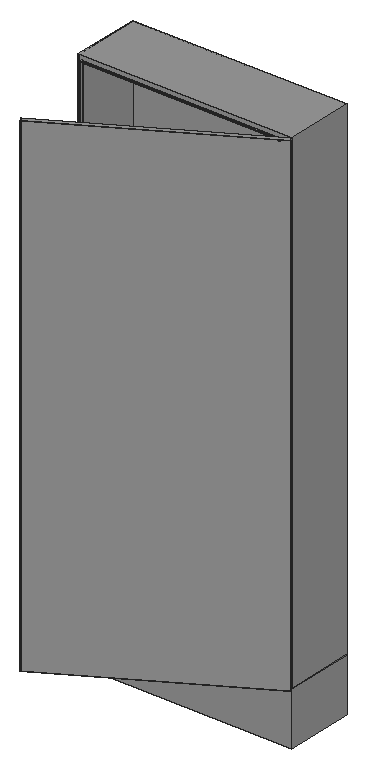
Revit family "Hager-Univers-IP55-D275-H2050-Cl.II-Steel_encl-NoHosted-ES-es", category Electrical Equipment, Revit 2020
Family settings
  Panel Configuration = Two Columns, Circuits Across
  Round Connector Dimension = Use Diameter
  Part Type = Panelboard
  Work Plane-Based = Yes
  Always vertical = Yes
  Cut with Voids When Loaded = No
  Shared = No
  Room Calculation Point = No
Parameters (values of type "Instalación de suelo IP55 A800 A2050 P275  - FR23S2")
  Width Control [instance] = if([EF000008 - Anchura] > Min Width, [EF000008 - Anchura], Min Width)  # 800 mm
  Type Comments = [HG000003 - Gama]  # "Univers"
  Thickness Door [instance] = if([EF009171 - Espesor puerta/tapa] > 3 mm, 3 mm, [EF009171 - Espesor puerta/tapa])  # 1.5 mm
  Seal Frame Offset [instance] = 17 mm  # constant formula
  Plinth Visibility [instance] = [HG000027 - Altura de zócalo] > 0 mm  # yes
  Min Width [instance] = 100 mm  # constant formula
  Min Depth [instance] = (2 * [EF009170 - Espesor del material de la caja]) + 1 mm  # 4 mm
  Min Height [instance] = 100 mm  # constant formula
  Internal Frame Depth [instance] = (Door System Depth * 0.5)  # 9 mm
  Panel Name [instance] = ""  # (empty or 0)
  Model = ""
  HG000027 - Altura de zócalo = 200 mm
  HG000026 - Instalación en suelo = yes
  HG000024 - Altura de la sección inferior = 600 mm
  HG000023 - Caja de doble sección = no
  HG000016 - Visibilidad de la puerta 3D [instance] = yes
  HG000015 - Visibilidad a través de la puerta [instance] = no
  HG000014 - Puerta a la derecha [instance] = yes
  HG000013 - Puerta a la izquierda [instance] = not([HG000014 - Puerta a la derecha])  # no
  HG000012 - Ángulo de giro de la puerta [instance] = 30.00°
  HG000010 - Puertas asimétricas = no
  HG000009 - Puerta batiente doble = no
  HG000006 - Empotrado = no
  HG000004 - Referencia del fabricante = "FR23S2"
  HG000003 - Gama = "Univers"
  HG000002 - Con puerta o tapa = yes
  Frame Offset Bottom [instance] = 10 mm  # constant formula
  Frame Offset [instance] = 15 mm  # constant formula
  EF015940 - Tapa con alivio de sobrepresión = no
  EF011959 - Grado de protección (NEMA) = ""
  EF009554 - Número de aberturas para placas-brida = 6
  EF009212 - Versión de la cubierta = "EV000116 - Cerrado"
  EF009171 - Espesor puerta/tapa = 1.5 mm
  EF009170 - Espesor del material de la caja = 1.5 mm
  EF008873 - Corriente nominal (In) = 800 A
  EF007800 - Adecuado para la protección contra rayos = no
  EF006306 - Con cierre = no
  EF006244 - Tapa/puerta transparente = no
  EF005474 - Grado de protección (IP) = "EV006420 - IP55"
  EF004464 - Tipo de puerta = "EV002646 - Único"
  EF004427 - Número de módulos = 432
  EF004293 - Resistencia al impacto (IK) = "EV008784 - IK10"
  EF003532 - Adecuado para uso en exteriores = no
  EF002950 - Anchura de unidades de división = 24
  EF001613 - Integridad del circuito = "EV000494 - Ninguno"
  EF001596 - Material de la carcasa = "EV000179 - Acero"
  EF001131 - Profundidad interna = 275 mm
  EF001088 - Posibilidad de extensión = yes
  EF000437 - Número de entradas de conductos de cables = 6
  EF000339 - Tipo de cubierta = "EV004216 - Puerta"
  EF000266 - Número de filas = 12
  EF000218 - Profundidad de instalación = 0 mm
  EF000118 - Con placa de montaje = no
  EF000116 - Número RAL = "7035"
  EF000049 - Profundidad = 275 mm
  EF000040 - Altura = 2050 mm
  EF000008 - Anchura = 800 mm
  EF000007 - Color = "EV000270 - Gris"
  EF000003 - Tipo de montaje = "EV012274 - Instalación de suelo"
  Door System Leaf Tolerance [instance] = 1.5 mm  # constant formula
  Door System Depth [instance] = 18 mm  # constant formula
  Door Height [instance] = Height Control - [HG000027 - Altura de zócalo]  # 1850 mm
  Description = ""
  Default Elevation = 1219.2 mm
  Connector Offset [instance] = Height Control / 2  # 1025 mm
  Manufacturer = "Hager"  # constant formula
  Height Control [instance] = if([EF000040 - Altura] > Min Height, [EF000040 - Altura], Min Height)  # 2050 mm
  Depth Control [instance] = if([EF000049 - Profundidad] > Min Depth, [EF000049 - Profundidad], Min Depth)  # 275 mm
  Bottom Top Plate Trim [instance] = 1.5 mm  # constant formula
  Plinth height Ctrl [instance] = if([HG000027 - Altura de zócalo] > 0 mm, [HG000027 - Altura de zócalo], 12 mm)  # 200 mm
Types (11, lengths in mm): name | Width Control | HG000010 - Puertas asimétricas | HG000009 - Puerta batiente doble | HG000004 - Referencia del fabricante | EF009554 - Número de aberturas para placas-brida | EF006244 - Tapa/puerta transparente | EF004464 - Tipo de puerta | EF004427 - Número de módulos | EF000437 - Número de entradas de conductos de cables | EF000008 - Anchura
  Instalación de suelo IP55 A1050 A2050 P275  - FR24L2 | 1050 | yes | yes | "FR24L2" | 8 | yes | "EV003602 - Doble" | 576 | 8 | 1050
  Instalación de suelo IP55 A1050 A2050 P275  - FR24S2 | 1050 | yes | yes | "FR24S2" | 8 | no | "EV003602 - Doble" | 576 | 8 | 1050
  Instalación de suelo IP55 A1300 A2050 P275  - FR25L2 | 1300 | yes | yes | "FR25L2" | 10 | yes | "EV003602 - Doble" | 720 | 10 | 1300
  Instalación de suelo IP55 A1300 A2050 P275  - FR25S2 | 1300 | yes | yes | "FR25S2" | 10 | no | "EV003602 - Doble" | 720 | 10 | 1300
  Instalación de suelo IP55 A1550 A2050 P275  - FR26L2 | 1550 | yes | yes | "FR26L2" | 12 | yes | "EV003602 - Doble" | 864 | 12 | 1550
  Instalación de suelo IP55 A1550 A2050 P275  - FR26S2 | 1550 | yes | yes | "FR26S2" | 12 | no | "EV003602 - Doble" | 864 | 12 | 1550
  Instalación de suelo IP55 A300 A2050 P275  - FR21S2 | 300 | no | no | "FR21S2" | 2 | no | "EV002646 - Único" | 144 | 2 | 300
  Instalación de suelo IP55 A550 A2050 P275  - FR22L2 | 550 | no | no | "FR22L2" | 4 | yes | "EV002646 - Único" | 288 | 4 | 550
  Instalación de suelo IP55 A550 A2050 P275  - FR22S2 | 550 | no | no | "FR22S2" | 4 | no | "EV002646 - Único" | 288 | 4 | 550
  Instalación de suelo IP55 A800 A2050 P275  - FR23L2 | 800 | no | no | "FR23L2" | 6 | yes | "EV002646 - Único" | 432 | 6 | 800
  Instalación de suelo IP55 A800 A2050 P275  - FR23S2 | 800 | no | no | "FR23S2" | 6 | no | "EV002646 - Único" | 432 | 6 | 800
Reference planes
  plane 1 "Center (Front/Back)": y = 0
  plane 2: z = 0
  plane 3 "Center (Left/Right)": x = 0
  plane 4: y = 0
  plane 5: y = 0
  plane 6: z = 0
  plane 7: x = -400
  plane 8: x = 400
  plane 9: x = 398.5
  plane 10: x = -398.5
  plane 11: z = 200
  plane 12: z = 201.5
  plane 13: y = -275
  plane 14: y = -1.5
  plane 15: x = 0
  plane 16: y = -257
  plane 17: y = -273.5
  plane 18: y = -255.5
  plane 19: x = -383.5
  plane 20: x = 383.5
  plane 21: z = 211.5
  plane 22: x = -383
  plane 23: x = 383
  plane 24: z = 200
  plane 25: z = 2050
  plane 26: z = 2050
  plane 27: z = 2033.5
  plane 28: z = 2048.5
Forms (mm)
  Extrusion 1, solid, material "Hager_Steel_RAL7035_Light_Grey", detail levels medium+fine
    sketch origin (-208.679, -4572, 200) x (-1, 0, 0) y (0, -1, 0)
      loop
        line (191.321, -4315) -> (-608.679, -4315) -> (-608.679, -4572) -> (191.321, -4572) -> (191.321, -4315)
    from 0 to 1850
  Extrusion 2, void
    sketch origin (-350.771, -275, 1219.2) x (1, 0, 0) y (0, 0, 1)
      loop
        line (-47.729, 829.3) -> (-47.729, -1017.7) -> (749.271, -1017.7) -> (749.271, 829.3) -> (-47.729, 829.3)
    from -19.5 to -273.5
  Extrusion 3, void
    sketch origin (-290.084, -257, 1219.2) x (1, 0, 0) y (0, 0, 1)
      loop
        line (-93.416, -1007.7) -> (673.584, -1007.7) -> (673.584, 814.3) -> (-93.416, 814.3) -> (-93.416, -1007.7)
    from 0 to -1.5
  Extrusion 4, solid, material "Hager_Steel_RAL7035_Light_Grey", visible <- "Plinth Visibility", detail levels medium+fine
    sketch origin (0, 0, 0) x (1, 0, 0) y (0, 1, 0)
      loop
        line (-400, 0) -> (-400, -257) -> (400, -257) -> (400, 0) -> (-400, 0)
    from 0 to 200 <- "Plinth height Ctrl"
  Extrusion 5, solid, material "Hager_Steel_RAL7035_Light_Grey", detail levels coarse
    sketch origin (0, 0, 0) x (1, 0, 0) y (0, 1, 0)
      loop
        line (-400, 0) -> (-400, -275) -> (400, -275) -> (400, 0) -> (-400, 0)
    from 0 to 2050 <- "Height Control"
  Sweep 6, void
    path in 3D
      loop
        line (-400, -257, 200) -> (400, -257, 200) -> (400, 0, 200) -> (-400, 0, 200) -> (-400, -257, 200)
    profile origin (-400, -128.5, 200) x (1, 0, 0) y (0, 0, 1)
      loop
        line (0, 0) -> (0, -1.5) -> (1.5, -1.5)
        arc (1.5, -1.5) -> (1.061, -0.439) -> (0, 0) r 1.5
  Extrusion 7, solid, material "Hager_Steel_RAL7035_Light_Grey", detail levels fine
    sketch origin (-400, -257, 200) x (1, 0, 0) y (0, 0, 1)
      loop
        line (16.5, 11.5) -> (783.5, 11.5) -> (783.5, 1833.5) -> (16.5, 1833.5) -> (16.5, 11.5)
      loop
        line (15, 10) -> (785, 10) -> (785, 1835) -> (15, 1835) -> (15, 10)
    from 0 to 9 <- "Internal Frame Depth"
Cuts and joins
  Extrusion 2, Extrusion 3 cuts Extrusion 1
  Sweep 6 cuts Extrusion 4
Lines and regions (mm)
  Masking region 1
    outline origin (0, 0, 0) x (1, 0, 0) y (0, 1, 0)
      loop
        line (-400, 0) -> (-400, -275) -> (400, -275) -> (400, 0) -> (-400, 0)
  Masking region 2, detail levels coarse
    outline origin (-290.084, -257, 1219.2) x (-1, 0, 0) y (0, 0, 1)
      loop
        line (-690.084, -1219.2) -> (109.916, -1219.2) -> (109.916, 830.8) -> (-690.084, 830.8) -> (-690.084, -1219.2)
  Masking region 3, detail levels coarse
    outline origin (0, 0, 0) x (0, 1, 0) y (0, 0, 1)
      loop
        line (0, 0) -> (0, 2050) -> (-275, 2050) -> (-275, 0) -> (0, 0)
  Masking region 4, visible <- "Plinth Visibility", detail levels medium+fine
    outline origin (0, 0, 0) x (0, 1, 0) y (0, 0, 1)
      loop
        line (-1.5, 200) -> (-255.5, 200)
        arc (-255.5, 200) -> (-255.939, 198.939) -> (-257, 198.5) r 1.5
        line (-257, 198.5) -> (-257, 0) -> (0, 0) -> (0, 198.5)
        arc (0, 198.5) -> (-1.061, 198.939) -> (-1.5, 200) r 1.5
  Masking region 5, detail levels medium+fine
    outline origin (0, 0, 594.038) x (0, 1, 0) y (0, 0, 1)
      loop
        line (0, -394.038) -> (0, 1455.962) -> (-257, 1455.962) -> (-257, -394.038) -> (0, -394.038)
  Masking region 6, detail levels medium+fine
    outline origin (-359.7, -257, 1211.883) x (-1, 0, 0) y (0, 0, 1)
      loop
        line (-759.7, -1011.883) -> (40.3, -1011.883) -> (40.3, 838.117) -> (-759.7, 838.117) -> (-759.7, -1011.883)
  Masking region 7, visible <- "Plinth Visibility", detail levels medium+fine
    outline origin (-320.334, -257, 1041.368) x (-1, 0, 0) y (0, 0, 1)
      loop
        line (-720.334, -1041.368) -> (79.666, -1041.368) -> (79.666, -842.868)
        arc (79.666, -842.868) -> (78.606, -842.429) -> (78.166, -841.368) r 1.5
        line (78.166, -841.368) -> (-718.834, -841.368)
        arc (-718.834, -841.368) -> (-719.273, -842.429) -> (-720.334, -842.868) r 1.5
        line (-720.334, -842.868) -> (-720.334, -1041.368)
  sketch lines
    curve 1: line (-400, 0, 200) -> (-400, -257, 200)
    curve 2: line (-400, -257, 200) -> (400, -257, 200)
    curve 3: line (400, 0, 200) -> (-400, 0, 200)
    curve 4: line (400, -257, 200) -> (400, 0, 200)
Dimensions and locks
  locked: plane 1 "Center (Front/Back)" to plane 5
  "EF009170 - Espesor del material de la caja": plane 7 to plane 10
  "EF009170 - Espesor del material de la caja": plane 8 to plane 9
  equal spacing: plane 7, plane 3 "Center (Left/Right)", plane 8
  "Width Control": plane 7 to plane 8
  "Depth Control": plane 4 to plane 13
  "EF009170 - Espesor del material de la caja": plane 4 to plane 14
  "Height Control": plane 25 to level
  "HG000027 - Altura de zócalo": plane 11 to level
  "EF009170 - Espesor del material de la caja": plane 12 to plane 11
  "EF009170 - Espesor del material de la caja": plane 17 to plane 13
  "EF009170 - Espesor del material de la caja": plane 18 to plane 16
  "Frame Offset Bottom": plane 21 to plane 12
  "Frame Offset": plane 10 to plane 19
  "Frame Offset": plane 9 to plane 20
  "Door System Depth": plane 16 to plane 13
  "Seal Frame Offset": plane 7 to plane 22
  "Seal Frame Offset": plane 8 to plane 23
  "EF009170 - Espesor del material de la caja": plane 26 to plane 28
  "Frame Offset": plane 28 to plane 27
  "Connector Offset": plane 2 to connector elem
  "Bottom Top Plate Trim": profile plane to Sweep 6 sketch curve
  "Bottom Top Plate Trim": Sweep 6 sketch curve to Sweep 6 sketch curve
  "Plinth height Ctrl": Masking region 4 sketch curve to level
  "Plinth height Ctrl": Masking region 7 sketch curve to level
  "Thickness Door": Extrusion 7 sketch curve to Extrusion 7 sketch curve  (x4)
  "Bottom Top Plate Trim": radius of Sweep 6 sketch curve
  "Bottom Top Plate Trim": radius of Masking region 4 sketch curve  (x2)
  "Bottom Top Plate Trim": radius of Masking region 7 sketch curve  (x2)
  aligned and locked: Extrusion 2 sketch curve to plane 12
  aligned and locked: Extrusion 2 sketch curve to plane 9
  aligned and locked: Extrusion 2 sketch curve to plane 10
  aligned and locked: Extrusion 2 to plane 14
  aligned and locked: Extrusion 1 sketch curve to plane 4
  aligned and locked: plane 8 to Extrusion 1 sketch curve
  aligned and locked: plane 7 to Extrusion 1 sketch curve
  aligned and locked: Extrusion 2 to plane 18
  aligned and locked: Extrusion 3 sketch curve to plane 19
  aligned and locked: plane 20 to Extrusion 3 sketch curve
  aligned and locked: Extrusion 3 to Extrusion 2
  aligned and locked: Extrusion 3 sketch curve to plane 21
  aligned and locked: plane 3 "Center (Left/Right)" to nested 1
  aligned and locked: Extrusion 1 sketch curve to plane 16
  aligned and locked: Extrusion 4 sketch curve to cut or joined group of Extrusion 1, Extrusion 2, Extrusion 3
  aligned and locked: Masking region 1 sketch curve to plane 7
  aligned and locked: Masking region 1 sketch curve to plane 5
  aligned and locked: Masking region 1 sketch curve to plane 8
  aligned and locked: Masking region 2 sketch curve to level
  aligned and locked: level to Masking region 3 sketch curve
  aligned and locked: plane 1 "Center (Front/Back)" to Masking region 3 sketch curve
  aligned and locked: plane 13 to Masking region 3 sketch curve
  aligned and locked: plane 5 to Masking region 4 sketch curve
  aligned and locked: Masking region 2 sketch curve to plane 8
  aligned and locked: Masking region 2 sketch curve to plane 7
  aligned and locked: plane 7 to nested 2
  aligned and locked: nested 2 to plane 5
  aligned and locked: plane 5 to Masking region 5 sketch curve
  aligned and locked: plane 26 to Masking region 5 sketch curve
  aligned and locked: Extrusion 5 sketch curve to plane 8
  aligned and locked: Extrusion 5 sketch curve to plane 7
  aligned and locked: Extrusion 5 sketch curve to plane 5
  aligned and locked: Extrusion 3 sketch curve to plane 27
  aligned and locked: Extrusion 2 sketch curve to plane 28
  aligned and locked: Masking region 2 to plane 25
  aligned and locked: Extrusion 4 to plane 16
  aligned and locked: profile plane to Sweep 6 sketch curve
  aligned and locked: Masking region 5 sketch curve to plane 24
  aligned and locked: level to Masking region 4 sketch curve
  aligned and locked: Masking region 1 to plane 13
  aligned and locked: nested 1 to plane 16
  aligned and locked: Masking region 3 to plane 25
  aligned and locked: plane 16 to Masking region 4 sketch curve
  aligned and locked: Masking region 5 sketch curve to plane 16
  aligned and locked: plane 24 to plane 11
  aligned and locked: plane 26 to plane 25
  aligned and locked: plane 26 to cut or joined group of Extrusion 1, Extrusion 2, Extrusion 3
  aligned and locked: nested 1 to plane 24
  aligned and locked: Extrusion 1 to Extrusion 3
  aligned and locked: Masking region 6 sketch curve to plane 8
  aligned and locked: Masking region 6 sketch curve to plane 24
  aligned and locked: Masking region 6 sketch curve to plane 7
  aligned and locked: Masking region 6 sketch curve to plane 26
  aligned and locked: Masking region 7 sketch curve to plane 7
  aligned and locked: level to Masking region 7 sketch curve
  aligned and locked: Masking region 7 sketch curve to plane 8
  aligned and locked: Extrusion 7 sketch curve to cut or joined group of Extrusion 1, Extrusion 2, Extrusion 3  (x4)
Automatic sketch dimensions
  plane 19 to Extrusion 3 sketch curve = 0 mm
  Extrusion 3 sketch curve to plane 20 = 0 mm
  Extrusion 3 sketch curve to plane 21 = 0 mm
  Extrusion 4 sketch curve to plane 7 = 0 mm
  Extrusion 4 sketch curve to plane 8 = 0 mm
  Extrusion 4 sketch curve to plane 16 = 0 mm
  Masking region 1 sketch curve to plane 13 = 0 mm
  Masking region 2 sketch curve to plane 25 = 0 mm
  Masking region 3 sketch curve to plane 25 = 0 mm
  Extrusion 5 sketch curve to plane 13 = 0 mm
  profile plane to Sweep 6 sketch curve = 0 mm
Nested families
  nested 1: "EC000058_Univers_Door" at (0, -257, 200), Double <- "HG000009 - Puerta batiente doble", Transparent <- "EF006244 - Tapa/puerta transparente", Angle <- "HG000012 - Ángulo de giro de la puerta", Door_Right <- "HG000014 - Puerta a la derecha", Assymetrical <- "HG000010 - Puertas asimétricas", Door <- "HG000002 - Con puerta o tapa", Width_Ctrl <- "Width Control", 3d_Door <- "HG000016 - Visibilidad de la puerta 3D", Clearance <- "HG000015 - Visibilidad a través de la puerta", Door_Left <- "HG000013 - Puerta a la izquierda", Width <- "Width Control", Door_Depth <- "Door System Depth", Leaf_Tolerance <- "Door System Leaf Tolerance", Height <- "Door Height", Lock_Visibility <- "EF006306 - Con cierre", Thickness <- "Thickness Door", type "EC000058_Univers_Door", detail levels medium+fine
    with min_wh 4 mm, Width_Ctrl 800 mm, Width 800 mm, Transparent no, Thickness 1.5 mm, Seal_Material Hager_Rubber, Lock_Visibility no, Lock_Material Hager_Plastic_RAL9005_Jet_Black, Leaf_Width 800 mm, Leaf_Tolerance_External_Sides 0 mm, Leaf_Tolerance 1.5 mm, Leaf_Offset 0 mm, Leaf_Height 1847 mm, Leaf_2_Width 800 mm, Leaf_2_Offset 400 mm, Leaf_1_Width 800 mm, Leaf_1_Offset 400 mm, Height_Ctrl 1850 mm, Height 1850 mm, Glass_Material Hager_Glass, Double_Clearance_Ctrl no, Double no, Door_Right_Ctrl yes, Door_Right yes, Door_Material Hager_Steel_RAL7035_Light_Grey, Door_Left_Ctrl no, Door_Left no, Door_Depth 18 mm, Door yes, Clearance_Material Hager_Clearance, Clearance_Depth 800 mm, Clearance_Ctrl no, Clearance no, Assymetrical no, Angle 30.00°, 3d_Door yes
  nested 2: "Hager_Enclosure_Symbol" at (-400, 0, 0), Height <- "Depth Control", Width <- "Width Control", type "Hager_Enclosure_Symbol"
    with Width_Ctrl 800 mm, Width 800 mm, Height_Ctrl 275 mm, Height 275 mm, A_Width_Int 18.047 mm, A_Width 216.562 mm, A_Height_Ctrl 240.625 mm, A_Height 240.625 mm
Connectors
  electrical at (0, 0, 1025)
    settings: on plane 1 "Center (Front/Back)", index 1, voltage 0 V, apparent load 0 VA, apparent load phase1 0 VA, apparent load phase2 0 VA, apparent load phase3 0 VA, power factor 1, load classification "Other", number of poles 1, system type 30, power factor state 1, is connector primary yes, connector utility no, sub classification motor no, connector description ""
Definition of nested family "EC000058_Univers_Door"
  Parameters (values of type "EC000058_Univers_Door")
    min_wh [instance] = (2 * Thickness) + 1 mm  # 11 mm
    Width_Ctrl [instance] = 400 mm
    Width [instance] = 500 mm
    Transparent [instance] = yes
    Thickness [instance] = 5 mm
    Seal_Material [instance] = none
    Lock_Visibility [instance] = yes
    Lock_Material [instance] = none
    Leaf_Width [instance] = if((Width_Ctrl - 2 * Leaf_Tolerance_External_Sides) > 0 mm, (Width_Ctrl - 2 * Leaf_Tolerance_External_Sides), min_wh)  # 400 mm
    Leaf_Tolerance_External_Sides [instance] = 0 mm  # constant formula
    Leaf_Tolerance [instance] = 1.5 mm
    Leaf_Offset [instance] = 0 mm  # constant formula
    Leaf_Height [instance] = if((Height_Ctrl - 2 * Leaf_Tolerance) > 0 mm, (Height_Ctrl - 2 * Leaf_Tolerance), min_wh)  # 497 mm
    Leaf_2_Width [instance] = if(and(and(Double, Assymetrical), Door_Left), (Leaf_Width / 3) - (Leaf_Tolerance / 2), if(and(and(Double, Assymetrical), Door_Right), (Leaf_Width / 3) * 2 - (Leaf_Tolerance / 2), if(and(Double, not(Assymetrical)), (Leaf_Width / 2) - Leaf_Tolerance, Leaf_Width)))  # 400 mm
    Leaf_2_Offset [instance] = if(and(Double, Assymetrical), Leaf_2_Width / 2, if(and(Double, not(Assymetrical)), Leaf_Width / 4, Leaf_Width / 2))  # 200 mm
    Leaf_1_Width [instance] = if(and(and(Double, Assymetrical), Door_Right), (Leaf_Width / 3) - (Leaf_Tolerance / 2), if(and(and(Double, Assymetrical), Door_Left), (Width / 3) * 2 - (Leaf_Tolerance / 2), if(and(Double, not(Assymetrical)), (Leaf_Width / 2) - Leaf_Tolerance, Leaf_Width)))  # 400 mm
    Leaf_1_Offset [instance] = if(and(Double, Assymetrical), Leaf_1_Width / 2, if(and(Double, not(Assymetrical)), Leaf_Width / 4, Leaf_Width / 2))  # 200 mm
    Height_Ctrl [instance] = if(Height > min_wh, Height, min_wh)  # 500 mm
    Height [instance] = 500 mm
    Glass_Material [instance] = none
    Double_Clearance_Ctrl [instance] = and(Double, Clearance)  # no
    Double [instance] = no
    Door_Right_Ctrl [instance] = and(or(Door_Right, Double), Door)  # yes
    Door_Right [instance] = yes
    Door_Material [instance] = none
    Door_Left_Ctrl [instance] = and(or(Door_Left, Double), Door)  # no
    Door_Left [instance] = no
    Door_Depth [instance] = 30 mm
    Door [instance] = yes
    Default Elevation = 1219.2 mm
    Clearance_Material [instance] = none
    Clearance_Depth [instance] = if(Leaf_1_Width > Leaf_2_Width, Leaf_1_Width, Leaf_2_Width)  # 400 mm
    Clearance_Ctrl [instance] = and(not(Double), Clearance)  # yes
    Clearance [instance] = yes
    Assymetrical [instance] = yes
    Angle [instance] = 30.00°
    3d_Door [instance] = yes
  Reference planes
    plane 1 "Center (Front/Back)": y = 0
    plane 2 "Bottom": z = 0
    plane 3 "Center (Left/Right)": x = 0
    plane 4: z = 500
    plane 5: x = -200
    plane 6: x = 200
    plane 7: z = 500
    plane 8: x = -200
    plane 9: z = 0
    plane 10: x = 200
    plane 11: y = 0
    plane 12: z = 1.5
    plane 13: x = -600
    plane 14: y = -400
    plane 15: x = 600
    plane 16: x = 0
    plane 17: x = 0
    plane 18: x = -200
    plane 19: x = 200
    plane 20: z = 498.5
  Forms (mm)
    Extrusion 1, solid, material <- "Clearance_Material", visible <- "Double_Clearance_Ctrl"
      sketch origin (1200, 0, 0) x (1, 0, 0) y (0, 0, -1)
        loop
          line (-1800, -498.5) -> (-600, -498.5) -> (-600, 0) -> (-1800, 0) -> (-1800, -498.5)
      from 0 to -400
  Dimensions and locks
    equal spacing: plane 5, plane 3 "Center (Left/Right)", plane 6
    "Width_Ctrl": plane 5 to plane 6
    "Leaf_Offset": plane 5 to plane 8
    "Leaf_Offset": plane 6 to plane 10
    "Leaf_Offset": plane 9 to level
    "Leaf_Offset": plane 4 to plane 7
    "Height_Ctrl": plane 4 to level
    "Leaf_Tolerance": plane 12 to plane 9
    locked: plane 11 to plane 1 "Center (Front/Back)"
    "Leaf_1_Offset": plane 18 to plane 16
    "Leaf_2_Offset": plane 17 to plane 19
    "Leaf_1_Width": plane 13 to plane 8
    "Leaf_2_Width": plane 10 to plane 15
    "Clearance_Depth": plane 14 to plane 1 "Center (Front/Back)"
    "Leaf_Tolerance_External_Sides": plane 8 to plane 18
    "Leaf_Tolerance_External_Sides": plane 19 to plane 10
    "Leaf_Tolerance": plane 7 to plane 20
    aligned and locked: level to plane 2 "Bottom"
    aligned and locked: nested 1 to plane 16
    aligned and locked: nested 2 to plane 17
    aligned and locked: Extrusion 1 to plane 13
    aligned and locked: plane 15 to Extrusion 1
    aligned and locked: Extrusion 1 to plane 14
    aligned and locked: plane 12 to nested 1
    aligned and locked: nested 2 to plane 12
    aligned and locked: Extrusion 1 to plane 11
    aligned and locked: plane 20 to Extrusion 1
    aligned and locked: nested 2 to plane 11
    aligned and locked: nested 1 to plane 11
  Automatic sketch dimensions
    Extrusion 1 sketch curve to level = 0 mm
    plane 5 to Extrusion 1 sketch curve = 400 mm
    plane 6 to Extrusion 1 sketch curve = 400 mm
    Extrusion 1 sketch curve to plane 4 = 1.5 mm
  Nested families
    nested 1: "EC000058_Univers_Door_Leaf" at (0, 0, 1.5), Width <- "Leaf_1_Width", visible <- "Door_Left_Ctrl", Leaf_Height <- "Leaf_Height", Angle <- "Angle", 3d_Door <- "3d_Door", Transparent <- "Transparent", Clearance Material <- "Clearance_Material", Clearance <- "Clearance_Ctrl", Door_Material <- "Door_Material", Glass_Material <- "Glass_Material", Door_Depth <- "Door_Depth", Lock_Material <- "Lock_Material", Seal_Material <- "Seal_Material", Lock_Visibility <- "Lock_Visibility", Thickness <- "Thickness", type "EC000058_Univers_Door_Leaf"
      with Width 400 mm, Transparent_Glass_Offset 30 mm, Transparent_Ctrl yes, Transparent yes, Thickness 5 mm, Standard no, Seal_Material none, Seal_D2 8 mm, Seal_D1 1 mm, Offset_Internal_Frame 10 mm, Lock_Width 20 mm, Lock_Visibility_3d yes, Lock_Visibility yes, Lock_Thickness_3 3 mm, Lock_Thickness_2 1 mm, Lock_Thickness_1 3 mm, Lock_Radius_Offset_2 16 mm, Lock_Radius_Offset_1 15 mm, Lock_Radius_2 5 mm, Lock_Radius 6 mm, Lock_Offset 5 mm, Lock_Material none, Lock_Height 80 mm, Lock_Cover_Top_Offset_2d 17 mm, Lock_Cover_Height -65 mm, Leaf_Height 497 mm, Internal_Seal_Thickness 8 mm, Internal_Seal_Depth_2 4.5 mm, Internal_Frame_Depth 25 mm, Glass_Thickness -1 mm, Glass_Offset -2 mm, Glass_Material none, Door_Material none, Door_Depth 30 mm, Clearance Material none, Clearance yes, Angle_Ctrl 30.00°, Angle 30.00°, 3d_Door yes
    nested 2: "EC000058_Univers_Door_Leaf" at (0, 0, 1.5) x (-1, 0, 0) z (0, 0, 1), Width <- "Leaf_2_Width", visible <- "Door_Right_Ctrl", Leaf_Height <- "Leaf_Height", Angle <- "Angle", 3d_Door <- "3d_Door", Transparent <- "Transparent", Clearance Material <- "Clearance_Material", Clearance <- "Clearance_Ctrl", Door_Material <- "Door_Material", Glass_Material <- "Glass_Material", Door_Depth <- "Door_Depth", Lock_Material <- "Lock_Material", Seal_Material <- "Seal_Material", Lock_Visibility <- "Lock_Visibility", Thickness <- "Thickness", type "EC000058_Univers_Door_Leaf"
      with Width 400 mm, Transparent_Glass_Offset 30 mm, Transparent_Ctrl yes, Transparent yes, Thickness 5 mm, Standard no, Seal_Material none, Seal_D2 8 mm, Seal_D1 1 mm, Offset_Internal_Frame 10 mm, Lock_Width 20 mm, Lock_Visibility_3d yes, Lock_Visibility yes, Lock_Thickness_3 3 mm, Lock_Thickness_2 1 mm, Lock_Thickness_1 3 mm, Lock_Radius_Offset_2 16 mm, Lock_Radius_Offset_1 15 mm, Lock_Radius_2 5 mm, Lock_Radius 6 mm, Lock_Offset 5 mm, Lock_Material none, Lock_Height 80 mm, Lock_Cover_Top_Offset_2d 17 mm, Lock_Cover_Height -65 mm, Leaf_Height 497 mm, Internal_Seal_Thickness 8 mm, Internal_Seal_Depth_2 4.5 mm, Internal_Frame_Depth 25 mm, Glass_Thickness -1 mm, Glass_Offset -2 mm, Glass_Material none, Door_Material none, Door_Depth 30 mm, Clearance Material none, Clearance yes, Angle_Ctrl 30.00°, Angle 30.00°, 3d_Door yes
  Definition of nested family "EC000058_Univers_Door_Leaf"
    Parameters (values of type "EC000058_Univers_Door_Leaf")
      Width [instance] = 2000 mm
      Transparent_Glass_Offset [instance] = 30 mm
      Transparent_Ctrl [instance] = and(Transparent, [3d_Door])  # yes
      Transparent [instance] = yes
      Thickness [instance] = 5 mm
      Standard [instance] = and(not(Transparent), [3d_Door])  # no
      Seal_Material [instance] = none
      Seal_D2 [instance] = 8 mm  # constant formula
      Seal_D1 [instance] = 1 mm  # constant formula
      Offset_Internal_Frame [instance] = 10 mm  # constant formula
      Lock_Width [instance] = 20 mm  # constant formula
      Lock_Visibility_3d [instance] = and(Lock_Visibility, [3d_Door])  # yes
      Lock_Visibility [instance] = yes
      Lock_Thickness_3 [instance] = 3 mm  # constant formula
      Lock_Thickness_2 [instance] = 1 mm  # constant formula
      Lock_Thickness_1 [instance] = 3 mm  # constant formula
      Lock_Radius_Offset_2 [instance] = Lock_Radius_Offset_1 + 1 mm  # 16 mm
      Lock_Radius_Offset_1 [instance] = 15 mm  # constant formula
      Lock_Radius_2 [instance] = Lock_Radius - 1 mm  # 5 mm
      Lock_Radius [instance] = 6 mm  # constant formula
      Lock_Offset [instance] = 5 mm  # constant formula
      Lock_Material [instance] = none
      Lock_Height [instance] = 80 mm  # constant formula
      Lock_Cover_Top_Offset_2d [instance] = Lock_Radius_Offset_2 + 1 mm  # 17 mm
      Lock_Cover_Height [instance] = -(Lock_Height - Lock_Radius_Offset_1)  # -65 mm
      Leaf_Height [instance] = 2720.336 mm
      Internal_Seal_Thickness [instance] = 8 mm  # constant formula
      Internal_Seal_Depth_2 [instance] = 4.5 mm  # constant formula
      Internal_Frame_Depth [instance] = if(Door_Depth - Thickness > 5 mm, Door_Depth - Thickness, 5 mm)  # 25 mm
      Glass_Thickness [instance] = if(Thickness > 15 mm, Glass_Offset + 10 mm, -1 mm)  # -1 mm
      Glass_Offset [instance] = if(Thickness > 15 mm, -(Thickness + 10 mm) / 2, -2 mm)  # -2 mm
      Glass_Material [instance] = none
      Door_Material [instance] = none
      Door_Depth [instance] = 30 mm
      Default Elevation = 0 mm
      Clearance Material [instance] = none
      Clearance [instance] = yes
      Angle_Ctrl [instance] = if(Angle > 180.00°, 180.00°, Angle)  # 90.00°
      Angle [instance] = 90.00°
      3d_Door [instance] = yes
    Reference planes
      plane 1 "Center (Front/Back)": y = 0
      plane 2: z = 0
      plane 3 "Center (Left/Right)": x = 0
      plane 4: y = 2000
      plane 5: x = -1000
      plane 6: x = 1000
      plane 7: x = -3000
      plane 8: z = 2720.336
      plane 9: z = 30
      plane 10: z = 2690.336
      plane 11: x = 970
      plane 12: x = -970
      plane 13: y = -3
      plane 14: z = 107.833
      plane 15: y = -5
      plane 16: y = -223.314
      plane 17: x = -1000
      plane 18: z = 1360.168
      plane 19: y = 30
    Forms (mm)
      Extrusion 1, solid, material <- "Clearance Material", visible <- "Clearance"
        sketch origin (0, 0, 0) x (1, 0, 0) y (0, 0, 1)
          loop
            line (-3000, 2720.336) -> (-3000, 0) -> (1000, 0) -> (1000, 2720.336) -> (-3000, 2720.336)
        from 0 to -2000
      Extrusion 2, solid, material <- "Door_Material", visible <- "Standard", detail levels medium+fine
        sketch origin (-1000, 0, 0) x (0, 1, 0) y (-1, 0, 0)
          loop
            line (0, 30) -> (0, 25) -> (2000, 25) -> (2000, 30) -> (0, 30)
        from 0 to 2720.336 <- "Leaf_Height"
      Extrusion 3, solid, material <- "Door_Material", visible <- "Transparent_Ctrl", detail levels medium+fine
        sketch origin (-1000, 0, 0) x (0, 1, 0) y (-1, 0, 0)
          loop
            line (0, 25) -> (2000, 25) -> (2000, 30) -> (0, 30) -> (0, 25)
        from 0 to 2720.336 <- "Leaf_Height"
      Extrusion 4, void
        sketch origin (-1025, 2000, 0) x (0, 1, 0) y (0, 0, -1)
          loop
            line (-30, -2690.336) -> (-30, -30) -> (-1970, -30) -> (-1970, -2690.336) -> (-30, -2690.336)
        from 0 to 5 <- "Thickness"
      Sweep 5, solid, material <- "Seal_Material", visible <- "Transparent_Ctrl", detail levels fine
        path in 3D
          loop
            line (-1025, 30, 30) -> (-1025, 30, 2690.336) -> (-1025, 1970, 2690.336) -> (-1025, 1970, 30) -> (-1025, 30, 30)
        profile origin (-1025, 1000, 30) x (1, 0, 0) y (0, 0, 1)
          loop
            line (0, 0) -> (0, -8) -> (1, -8) -> (1, 0) -> (0, 0)
      Extrusion 6, solid, material <- "Glass_Material", visible <- "Transparent_Ctrl", detail levels medium+fine
        sketch origin (-1030, 0, 0) x (0, 1, 0) y (0, 0, -1)
          loop
            line (1970, -2690.336) -> (1970, -30) -> (30, -30) -> (30, -2690.336) -> (1970, -2690.336)
        from -2 <- "Glass_Offset" to -1 <- "Glass_Thickness"
      Extrusion 7, solid, material <- "Door_Material", visible <- "3d_Door", detail levels medium+fine
        sketch origin (-1025, 2000, 0) x (0, -1, 0) y (0, 0, -1)
          loop
            line (0, -2720.336) -> (2000, -2720.336) -> (2000, 0) -> (0, 0) -> (0, -2720.336)
          loop
            line (1995, -5) -> (5, -5) -> (5, -2715.336) -> (1995, -2715.336) -> (1995, -5)
        from 0 to 25 <- "Internal_Frame_Depth"
      Sweep 8, solid, material <- "Seal_Material", visible <- "Transparent_Ctrl", detail levels fine
        path in 3D
          loop
            line (-1025, 0, 0) -> (-1025, 2000, 0) -> (-1025, 2000, 2720.336) -> (-1025, 0, 2720.336) -> (-1025, 0, 0)
        profile origin (-1025, 0, 1360.168) x (1, 0, 0) y (0, 1, 0)
          loop
            line (0, 10) -> (2.975, 10)
            arc (2.975, 10) -> (4.053, 10.447) -> (4.5, 11.525) r 1.525
            line (4.5, 11.525) -> (4.5, 16.527)
            arc (4.5, 16.527) -> (4.069, 17.569) -> (3.027, 18) r 1.473
            line (3.027, 18) -> (0, 18) -> (0, 10)
      Extrusion 9, solid, material <- "Lock_Material", visible <- "Lock_Visibility_3d", detail levels fine
        sketch origin (-1030, 0, 0) x (0, 1, 0) y (0, 0, -1)
          loop
            arc (1993.5, -1400.168) -> (1994.561, -1399.729) -> (1995, -1398.668) r 1.5
            line (1995, -1398.668) -> (1995, -1320.168) -> (1975, -1320.168) -> (1975, -1398.668)
            arc (1975, -1398.668) -> (1975.439, -1399.729) -> (1976.5, -1400.168) r 1.5
            line (1976.5, -1400.168) -> (1993.5, -1400.168)
        from 3 <- "Lock_Thickness_1" to 0
      Blend 10, solid, material <- "Lock_Material", visible <- "Lock_Visibility_3d", detail levels fine
        base sketch origin (-1033, 0, 0) x (0, 1, 0) y (0, 0, -1)
          loop
            line (1975, -1320.168) -> (1975, -1398.668)
            arc (1975, -1398.668) -> (1975.439, -1399.729) -> (1976.5, -1400.168) r 1.5
            line (1976.5, -1400.168) -> (1993.5, -1400.168)
            arc (1993.5, -1400.168) -> (1994.561, -1399.729) -> (1995, -1398.668) r 1.5
            line (1995, -1398.668) -> (1995, -1320.168) -> (1975, -1320.168)
        top sketch origin (-1033, 0, 0) x (0, 1, 0) y (0, 0, -1)
          loop
            line (1976, -1320.168) -> (1976, -1398.668)
            arc (1976, -1398.668) -> (1976.146, -1399.022) -> (1976.5, -1399.168) r 0.5
            line (1976.5, -1399.168) -> (1993.5, -1399.168)
            arc (1993.5, -1399.168) -> (1993.854, -1399.022) -> (1994, -1398.668) r 0.5
            line (1994, -1398.668) -> (1994, -1320.168) -> (1976, -1320.168)
        from 0 to 1 <- "Lock_Thickness_2"
      Blend 11, solid, material <- "Lock_Material", visible <- "Lock_Visibility_3d", detail levels fine
        base sketch origin (-1034, 0, 0) x (0, 1, 0) y (0, 0, -1)
          loop
            line (1978, -1320.168) -> (1978, -1384.168)
            arc (1978, -1384.168) -> (1985, -1391.168) -> (1992, -1384.168) r 7
            line (1992, -1384.168) -> (1992, -1320.168) -> (1978, -1320.168)
        top sketch origin (-1034, 0, 0) x (0, 1, 0) y (0, 0, -1)
          loop
            line (1991, -1320.168) -> (1979, -1320.168) -> (1979, -1383.168)
            arc (1979, -1383.168) -> (1985, -1389.168) -> (1991, -1383.168) r 6
            line (1991, -1383.168) -> (1991, -1320.168)
        from 0 to 3 <- "Lock_Thickness_3"
      Extrusion 12, solid, material <- "Lock_Material", visible <- "Lock_Visibility_3d", detail levels fine
        sketch origin (-1030, 1975, 1320.168) x (1, 0, 0) y (0, -1, 0)
          loop
            line (-7, -19) -> (-7, -1) -> (0, -1) -> (0, 0) -> (-8, 0) -> (-8, -20) -> (0, -20) -> (0, -19) -> (-7, -19)
        from 0 to -65 <- "Lock_Cover_Height"
      Extrusion 13, void
        sketch origin (-1038, 1995, 1320.168) x (-1, 0, 0) y (0, 0, -1)
          loop
            line (-5, -65) -> (0, -65) -> (-5, -60) -> (-5, -65)
        from 0 to 20 <- "Lock_Width"
      Extrusion 14, void
        sketch origin (-1038, 1975, 1320.168) x (0, -1, 0) y (0, 0, -1)
          loop
            circle (-10, -15.995) r 6
          loop
            circle (-10, -15.995) r 5
        from 0 to 2
      Extrusion 15, solid, material <- "Lock_Material", visible <- "Lock_Visibility_3d", detail levels medium
        sketch origin (-1030, 0, 0) x (0, 1, 0) y (0, 0, -1)
          loop
            arc (1993.5, -1400.168) -> (1994.561, -1399.729) -> (1995, -1398.668) r 1.5
            line (1995, -1398.668) -> (1995, -1320.168) -> (1975, -1320.168) -> (1975, -1398.668)
            arc (1975, -1398.668) -> (1975.439, -1399.729) -> (1976.5, -1400.168) r 1.5
            line (1976.5, -1400.168) -> (1993.5, -1400.168)
        from 8 to 0
    Cuts and joins
      Extrusion 4 cuts Extrusion 3
      Extrusion 13, Extrusion 14 cuts Extrusion 9
      Extrusion 14 cuts Blend 11
      Extrusion 13, Extrusion 14 cuts Extrusion 12
      joined: Extrusion 9, Blend 10, Blend 11, Extrusion 12
      Extrusion 14 cuts Extrusion 15
    Lines and regions (mm)
      Masking region 1, visible <- "Lock_Visibility", detail levels fine
        outline origin (0, 0, 0) x (0, 1, 0) y (0, 0, 1)
          loop
            line (30, 1320.168) -> (33, 1320.168) -> (33, 1400.168) -> (30, 1400.168) -> (30, 1320.168)
      Masking region 2, visible <- "Lock_Visibility", detail levels fine
        outline origin (0, 3.143, 0) x (0, 1, 0) y (0, 0, 1)
          loop
            line (29.857, 1354.168) -> (30.857, 1354.168) -> (30.857, 1366.168) -> (29.857, 1366.168) -> (29.857, 1354.168)
      Masking region 3, detail levels medium+fine
        outline origin (0, 0, 0) x (0, 1, 0) y (0, 0, 1)
          loop
            line (0, 0) -> (30, 0) -> (30, 2720.336) -> (0, 2720.336) -> (0, 0)
      Masking region 4, detail levels medium+fine
        outline origin (0, 0, 0) x (1, 0, 0) y (0, 0, 1)
          loop
            line (-1000, 2720.336) -> (-1000, 0) -> (1000, 0) -> (1000, 2720.336) -> (-1000, 2720.336)
      Masking region 5, visible <- "Lock_Visibility", detail levels fine
        outline origin (-47.116, 0, 0) x (1, 0, 0) y (0, 0, 1)
          loop
            arc (1024.616, 1399.168) -> (1023.556, 1398.729) -> (1023.116, 1397.668) r 1.5
            line (1023.116, 1397.668) -> (1023.116, 1320.168) -> (1041.116, 1320.168) -> (1041.116, 1397.668)
            arc (1041.116, 1397.668) -> (1040.677, 1398.729) -> (1039.616, 1399.168) r 1.5
            line (1039.616, 1399.168) -> (1024.616, 1399.168)
      Masking region 6, visible <- "Lock_Visibility", detail levels medium+fine
        outline origin (-25, 0, 0) x (1, 0, 0) y (0, 0, 1)
          loop
            arc (1001.5, 1400.168) -> (1000.439, 1399.729) -> (1000, 1398.668) r 1.5
            line (1000, 1398.668) -> (1000, 1320.168) -> (1020, 1320.168) -> (1020, 1398.668)
            arc (1020, 1398.668) -> (1019.561, 1399.729) -> (1018.5, 1400.168) r 1.5
            line (1018.5, 1400.168) -> (1001.5, 1400.168)
      Masking region 7, visible <- "Lock_Visibility", detail levels fine
        outline origin (-73.735, 0, 0) x (1, 0, 0) y (0, 0, 1)
          loop
            line (1051.735, 1382.168) -> (1065.735, 1382.168) -> (1065.735, 1384.168)
            arc (1065.735, 1384.168) -> (1058.735, 1391.168) -> (1051.735, 1384.168) r 7
            line (1051.735, 1384.168) -> (1051.735, 1382.168)
      Masking region 8, visible <- "Lock_Visibility", detail levels fine
        outline origin (-73.735, 0, 0) x (1, 0, 0) y (0, 0, 1)
          loop
            line (1052.735, 1382.168) -> (1064.735, 1382.168) -> (1064.735, 1383.168)
            arc (1064.735, 1383.168) -> (1058.735, 1389.168) -> (1052.735, 1383.168) r 6
            line (1052.735, 1383.168) -> (1052.735, 1382.168)
      Masking region 9, visible <- "Lock_Visibility", detail levels fine
        outline origin (-25, 0, 0) x (1, 0, 0) y (0, 0, 1)
          loop
            line (1020, 1320.168) -> (1020, 1382.168) -> (1000, 1382.168) -> (1000, 1320.168) -> (1020, 1320.168)
      Masking region 10, detail levels medium+fine
        outline origin (0, 0, 0) x (1, 0, 0) y (0, 0, 1)
          loop
            circle (985, 1335.144) r 6
      Masking region 11, detail levels fine
        outline origin (0, 0, 0) x (1, 0, 0) y (0, 0, 1)
          loop
            circle (985, 1335.144) r 5
      Masking region 12, visible <- "Lock_Visibility", detail levels fine
        outline origin (0, 12.767, 0) x (0, 1, 0) y (0, 0, 1)
          loop
            line (20.233, 1320.168) -> (21.233, 1320.168) -> (21.233, 1399.168) -> (20.233, 1400.168) -> (20.233, 1320.168)
      Masking region 13, visible <- "Lock_Visibility", detail levels fine
        outline origin (0, 13.767, -10) x (0, 1, 0) y (0, 0, 1)
          loop
            line (20.233, 1330.168) -> (23.233, 1330.168) -> (23.233, 1399.168) -> (20.233, 1402.168) -> (20.233, 1330.168)
      Masking region 14, visible <- "Lock_Visibility", detail levels fine
        outline origin (0, 12.767, -10) x (0, 1, 0) y (0, 0, 1)
          loop
            line (20.233, 1330.168) -> (25.233, 1330.168) -> (25.233, 1399.305) -> (20.233, 1394.305) -> (20.233, 1330.168)
      Masking region 15, visible <- "Lock_Visibility", detail levels medium
        outline origin (0, 0, 0) x (0, 1, 0) y (0, 0, 1)
          loop
            line (30, 1320.168) -> (38, 1320.168) -> (38, 1400.168) -> (30, 1400.168) -> (30, 1320.168)
      Masking region 16, visible <- "Lock_Visibility", detail levels fine
        outline origin (-1000, 0, 0) x (0, 1, 0) y (-1, 0, 0)
          loop
            line (1975, 30) -> (1995, 30) -> (1995, 38) -> (1975, 38) -> (1975, 30)
          loop
            line (1979, 37) -> (1976, 37) -> (1976, 34) -> (1978, 34) -> (1979, 37)
          loop
            line (1994, 37) -> (1991, 37) -> (1992, 34) -> (1994, 34) -> (1994, 37)
      Masking region 17, visible <- "Lock_Visibility", detail levels medium
        outline origin (-1000, 0, 0) x (0, 1, 0) y (-1, 0, 0)
          loop
            line (1975, 30) -> (1995, 30) -> (1995, 38) -> (1975, 38) -> (1975, 30)
      symbolic lines
        curve 1: line (1000, 0, 0) -> (-3000, 0, 0)
        curve 2: arc (1000, 0, 0) -> (-1000, 2000, 0) -> (-3000, 0, 0) r 2000
        curve 4: line (-1030, 0, 0) -> (-1030, 2000, 0)
      reference lines
        curve 3: line (-1000, 0, 0) -> (-1000, 2000, 0)
      symbolic lines, detail levels medium+fine
        curve 5: line (-1030, 2000, 0) -> (-1025, 2000, 0)
        curve 7: line (-1025, 0, 0) -> (-1030, 0, 0)
        curve 8: line (-1025, 0, 0) -> (-1000, 0, 0)
        curve 9: line (-1000, 0, 0) -> (-1000, 2000, 0)
        curve 10: line (-1000, 2000, 0) -> (-1025, 2000, 0)
      symbolic lines, detail levels fine
        curve 6: line (-1025, 2000, 0) -> (-1025, 0, 0)
      sketch lines
        curve 11: line (-1025, 0, 2720.336) -> (-1025, 0, 0)
        curve 12: line (-1025, 2000, 0) -> (-1025, 0, 0)
        curve 13: line (-1025, 2000, 2720.336) -> (-1025, 2000, 0)
        curve 14: line (-1025, 0, 2720.336) -> (-1025, 2000, 2720.336)
        curve 15: line (-1025, 1970, 30) -> (-1025, 30, 30)
        curve 16: line (-1025, 30, 30) -> (-1025, 30, 2690.336)
        curve 17: line (-1025, 1970, 2690.336) -> (-1025, 1970, 30)
        curve 18: line (-1025, 30, 2690.336) -> (-1025, 1970, 2690.336)
      symbolic lines, visible <- "Transparent", detail levels medium+fine
        curve 19: line (-970, 0, 2690.336) -> (970, 0, 2690.336)
        curve 20: line (-970, 0, 30) -> (-970, 0, 2690.336)
        curve 21: line (970, 0, 30) -> (-970, 0, 30)
        curve 22: line (970, 0, 2690.336) -> (970, 0, 30)
    Dimensions and locks
      "Width": plane 1 "Center (Front/Back)" to plane 4
      equal spacing: plane 5, plane 3 "Center (Left/Right)", plane 6
      "Width": plane 5 to plane 6
      "Width": plane 7 to plane 5
      "Leaf_Height": plane 8 to level
      "Width": curve 5 to curve 3
      "Width": curve 3 to curve 3
      plane 8 to plane 10 = 30 mm
      plane 9 to level = 30 mm
      plane 12 to plane 5 = 30 mm
      plane 6 to plane 11 = 30 mm
      Extrusion 1 to Extrusion 4 sketch curve = 30 mm
      "Transparent_Glass_Offset": curve 3 to Extrusion 4 sketch curve
      "Transparent_Glass_Offset": Extrusion 4 sketch curve to cut or joined group of Extrusion 3, Extrusion 4  (x2)
      cut or joined group of Extrusion 3, Extrusion 4 to Extrusion 6 sketch curve = 30 mm
      "Transparent_Glass_Offset": cut or joined group of Extrusion 3, Extrusion 4 to Extrusion 4 sketch curve
      "Thickness": curve 6 to curve 4
      "Thickness": Extrusion 7 sketch curve to Extrusion 7 sketch curve  (x4)
      "Door_Depth": curve 4 to curve 3
      "Offset_Internal_Frame": profile plane to Sweep 8 sketch curve
      "Internal_Seal_Thickness": Sweep 8 sketch curve to Sweep 8 sketch curve
      "Internal_Seal_Depth_2": profile plane to Sweep 8 sketch curve
      "Seal_D1": profile plane to Sweep 5 sketch curve
      "Seal_D2": profile plane to Sweep 5 sketch curve
      "Thickness": Extrusion 2 sketch curve to Extrusion 2 sketch curve
      equal spacing: Extrusion 9 sketch curve, plane 18, Extrusion 9 sketch curve  (x2)
      equal spacing: Masking region 1 sketch curve, plane 18, Masking region 1 sketch curve
      "Lock_Height": Masking region 1 sketch curve to Masking region 1 sketch curve
      "Lock_Radius": Masking region 2 sketch curve to plane 18 to Masking region 2 sketch curve
      Masking region 2 sketch curve to Masking region 1 = 1 mm
      "Door_Depth": plane 19 to plane 1 "Center (Front/Back)"
      "Lock_Thickness_1": Masking region 1 sketch curve to plane 19
      "Lock_Width": Extrusion 9 sketch curve to Extrusion 9 sketch curve
      "Lock_Height": Extrusion 9 sketch curve to Extrusion 9 sketch curve
      "Lock_Offset": cut or joined group of Extrusion 3, Extrusion 4 to Extrusion 9 sketch curve
      equal spacing: plane 8, plane 18, level
      "Lock_Radius_Offset_1": Blend 11 sketch curve to Blend 10
      locked: Blend 10 to Blend 11 sketch curve at 2  (x2)
      locked: var sketch to Blend 11 sketch curve at 1  (x2)
      "Lock_Radius_Offset_2": Blend 11 sketch curve to Blend 10
      locked: Extrusion 12 sketch curve to Extrusion 12 sketch curve at 1  (x3)
      Masking region 6 sketch curve to Masking region 6 sketch curve = 80 mm
      "Lock_Height": Masking region 6 sketch curve to Masking region 6 sketch curve
      "Lock_Width": Masking region 6 sketch curve to Masking region 6 sketch curve
      locked: Masking region 6 to Masking region 5 sketch curve at 1  (x3)
      locked: Masking region 5 to Masking region 7 sketch curve at 2  (x2)
      "Lock_Radius_Offset_1": Masking region 5 to Masking region 7 sketch curve
      "Lock_Radius_Offset_2": Masking region 5 to Masking region 8 sketch curve
      locked: Masking region 7 to Masking region 8 sketch curve at 1  (x2)
      "Lock_Cover_Top_Offset_2d": Masking region 5 to Masking region 9 sketch curve
      equal spacing: Masking region 9, Masking region 10 sketch curve, Masking region 9
      equal spacing: Masking region 9, Masking region 11 sketch curve, Masking region 9
      Extrusion 15 sketch curve to Extrusion 15 sketch curve = 80 mm
      "Lock_Width": Extrusion 15 sketch curve to Extrusion 15 sketch curve
      "Lock_Height": Extrusion 15 sketch curve to Extrusion 15 sketch curve
      equal spacing: Extrusion 15 sketch curve, plane 18, Extrusion 15 sketch curve
      "Lock_Thickness_3": Masking region 13 sketch curve to Masking region 13 sketch curve
      "Lock_Height": Masking region 12 sketch curve to Masking region 12 sketch curve
      locked: Masking region 13 sketch curve to Masking region 1 at 8
      locked: Masking region 14 sketch curve to Masking region 13 at 1
      locked: Masking region 14 sketch curve to Masking region 1 at 10.863
      "Lock_Height": Masking region 15 sketch curve to Masking region 15 sketch curve
      "Lock_Offset": Extrusion 15 sketch curve to cut or joined group of Extrusion 3, Extrusion 4
      "Lock_Offset": plane 6 to Masking region 6 sketch curve
      radius of Sweep 8 sketch curve = 1.525 mm
      radius of Sweep 8 sketch curve = 1.473 mm
      radius of Extrusion 9 sketch curve = 1.5 mm  (x2)
      "Lock_Radius": radius of Extrusion 14 sketch curve
      "Lock_Radius_2": radius of Extrusion 14 sketch curve
      "Lock_Radius": radius of Masking region 10 sketch curve
      "Lock_Radius_2": radius of Masking region 11 sketch curve
      radius of Extrusion 15 sketch curve = 1.5 mm  (x2)
      "Angle_Ctrl": angle plane 1 "Center (Front/Back)" to curve 3
      locked: Masking region 12 sketch curve to Masking region 12 sketch curve (angle 45.00°)
      locked: Masking region 13 sketch curve to Masking region 13 sketch curve (angle 45.00°)
      locked: Masking region 14 sketch curve to Masking region 14 sketch curve (angle 45.00°)
      aligned and locked: level to plane 2
      aligned and locked: Extrusion 1 to curve 1
      aligned and locked: plane 6 to Extrusion 1
      aligned and locked: Extrusion 1 to plane 1 "Center (Front/Back)"
      aligned and locked: plane 4 to Extrusion 1
      aligned and locked: plane 8 to Extrusion 1
      aligned and locked: curve 7 to Extrusion 2 sketch curve
      aligned and locked: curve 5 to Extrusion 2 sketch curve
      aligned and locked: curve 7 to Extrusion 3 sketch curve
      aligned and locked: Extrusion 3 sketch curve to curve 4
      aligned and locked: Extrusion 3 sketch curve to curve 6
      aligned and locked: Extrusion 3 sketch curve to curve 5
      aligned and locked: curve 9 to curve 3
      aligned and locked: Extrusion 7 sketch curve to cut or joined group of Extrusion 3, Extrusion 4  (x4)
      aligned and locked: plane 17 to curve 3
      aligned and locked: plane 1 "Center (Front/Back)" to curve 3
      aligned and locked: plane 17 to plane 5
      aligned and locked: Sweep 8 sketch curve to profile plane
      aligned and locked: Sweep 5 sketch curve to profile plane  (x2)
      aligned and locked: Masking region 1 to Masking region 2 sketch curve
      aligned and locked: plane 19 to Masking region 1 sketch curve
      aligned and locked: plane 1 "Center (Front/Back)" to Masking region 3 sketch curve
      aligned and locked: plane 19 to Masking region 3 sketch curve
      aligned and locked: level to Masking region 3 sketch curve
      aligned and locked: Masking region 3 sketch curve to plane 8
      aligned and locked: plane 17 to Masking region 4 sketch curve
      aligned and locked: level to Masking region 4 sketch curve
      aligned and locked: Masking region 4 sketch curve to plane 8
      aligned and locked: plane 12 to curve 20
      aligned and locked: plane 10 to curve 19
      aligned and locked: plane 11 to curve 22
      aligned and locked: curve 21 to plane 9
      aligned and locked: Extrusion 2 sketch curve to cut or joined group of Extrusion 3, Extrusion 4
      aligned and locked: Blend 10 sketch curve to Extrusion 9  (x4)
      aligned and locked: Extrusion 9 to Blend 10 sketch curve
      aligned and locked: Blend 10 to Blend 11 sketch curve
      aligned and locked: Extrusion 12 sketch curve to Blend 11
      aligned and locked: Extrusion 12 sketch curve to Extrusion 9  (x4)
      aligned and locked: Masking region 5 sketch curve to Masking region 6
      aligned and locked: Masking region 9 sketch curve to Masking region 6  (x3)
      aligned and locked: Masking region 12 sketch curve to Masking region 1
      aligned and locked: Masking region 13 sketch curve to Masking region 1
      aligned and locked: Masking region 12 to Masking region 14
      aligned and locked: Masking region 14 sketch curve to Masking region 1
      aligned and locked: Masking region 15 sketch curve to Masking region 14
      aligned and locked: Masking region 13 sketch curve to Masking region 12
      aligned and locked: Masking region 16 sketch curve to cut or joined group of Extrusion 14, Extrusion 15  (x4)
      aligned and locked: Masking region 16 sketch curve to cut or joined group of Extrusion 9, Blend 10, Blend 11, Extrusion 12, Extrusion 13, Extrusion 14  (x6)
      aligned and locked: cut or joined group of Extrusion 9, Blend 10, Blend 11, Extrusion 12, Extrusion 13, Extrusion 14 to Masking region 16 sketch curve
      aligned and locked: Masking region 17 sketch curve to cut or joined group of Extrusion 14, Extrusion 15  (x3)
      aligned and locked: Masking region 17 sketch curve to cut or joined group of Extrusion 9, Blend 10, Blend 11, Extrusion 12, Extrusion 13, Extrusion 14
      aligned and locked: Masking region 9 to Masking region 8 sketch curve
      aligned and locked: Masking region 9 to Masking region 7 sketch curve
    Automatic sketch dimensions
      plane 1 "Center (Front/Back)" to curve 2 = 0 mm
      curve 2 to plane 5 = 0 mm
      Extrusion 1 sketch curve to level = 0 mm
      Extrusion 1 sketch curve to plane 7 = 0 mm
      Extrusion 1 sketch curve to plane 6 = 0 mm
      Extrusion 1 sketch curve to plane 8 = 0 mm
      Extrusion 3 to Extrusion 6 sketch curve = 30 mm  (x4)
      Masking region 4 sketch curve to plane 6 = 0 mm
      Blend 10 sketch curve to Extrusion 9 = 1.5 mm
      Blend 10 sketch curve to Extrusion 9 = 1 mm
      Extrusion 13 sketch curve to Extrusion 12 = 0 mm  (x2)
      Extrusion 12 to Extrusion 13 sketch curve = 3 mm
      Extrusion 13 sketch curve to Extrusion 12 = 5 mm
      Extrusion 14 sketch curve to Extrusion 14 sketch curve = 0 mm  (x2)
      Extrusion 14 sketch curve to Extrusion 12 = 10 mm
      Extrusion 14 sketch curve to Extrusion 12 = 15.995 mm
      Masking region 5 sketch curve to Masking region 5 sketch curve = 1.5 mm  (x2)
      Masking region 10 sketch curve to plane 18 = 25.024 mm
      Masking region 11 sketch curve to plane 18 = 25.024 mm
      plane 19 to Masking region 14 sketch curve = 3 mm
      Masking region 16 sketch curve to Masking region 16 sketch curve = 3 mm
      curve 4 to curve 3 = 0 mm
      Blend 10 to Blend 11 sketch curve = 0 mm
      Masking region 6 sketch curve to Masking region 6 sketch curve = 1.5 mm  (x2)
      Masking region 6 sketch curve to plane 18 = 40 mm
      plane 19 to Masking region 12 sketch curve = 3 mm
      Masking region 12 sketch curve to Masking region 12 sketch curve = 1 mm
      Masking region 15 sketch curve to plane 19 = 0 mm
      Masking region 15 sketch curve to plane 18 = 40 mm
      radius of Blend 10 sketch curve to Extrusion 9 = 1 mm
Definition of nested family "Hager_Enclosure_Symbol"
  Parameters (values of type "Hager_Enclosure_Symbol")
    Width_Ctrl [instance] = if(Width > 1 mm, Width, 1 mm)  # 102.27 mm
    Width [instance] = 102.27 mm
    Height_Ctrl [instance] = if(Height > 1 mm, Height, 1 mm)  # 66.5 mm
    A_Width_Int [instance] = if(A_Width / 12 > 2 mm, A_Width / 12, 2 mm)  # 4.364 mm
    A_Width [instance] = if(A_Height_Ctrl * 0.9 > 2 mm, A_Height_Ctrl * 0.9, 2 mm)  # 52.369 mm
    A_Height_Ctrl [instance] = if(A_Height > 2 mm, A_Height, 2 mm)  # 58.188 mm
    Height [instance] = 66.5 mm
    A_Height [instance] = Height - (Height / 8)  # 58.188 mm
  Reference planes
    plane 1 "Centre (avant/arrière)": y = 0
    plane 2: z = 0
    plane 3 "Centre (gauche/droite)": x = 0
    plane 4: x = 52.369
    plane 5: y = 33.042
    plane 6: y = 41.77
    plane 7: y = 66.5
    plane 8: x = 26.184
    plane 9: y = 37.406
    plane 10: x = 102.27
    plane 11: y = 66.5
    plane 12: y = 8.313
  Lines and regions (mm)
    Filled region 1, type "Solid_Black", in view "Niveau de réf."
      outline origin (0, 0, 0) x (1, 0, 0) y (0, 1, 0)
        loop
          line (52.369, 66.5) -> (33.188, 54.536) -> (45.365, 45.006) -> (52.369, 66.5)
    Filled region 2, type "Solid_Black", in view "Niveau de réf."
      outline origin (0, 0, 0) x (1, 0, 0) y (0, 1, 0)
        loop
          line (0, 0) -> (102.27, 0) -> (102.27, 66.5) -> (0, 0)
    detail lines, in view "Niveau de réf."
      curve 1: line (0, 8.313, 0) -> (26.184, 41.77, 0)
      curve 2: line (26.184, 41.77, 0) -> (26.184, 33.042, 0)
      curve 3: line (26.184, 33.042, 0) -> (52.369, 66.5, 0)
  Dimensions and locks
    "A_Width": plane 3 "Centre (gauche/droite)" to plane 4
    equal spacing: plane 3 "Centre (gauche/droite)", plane 8, plane 4
    equal spacing: plane 6, plane 9, plane 5
    equal spacing: curve 3, Filled region 1 sketch curve, Filled region 1 sketch curve
    "Height_Ctrl": plane 1 "Centre (avant/arrière)" to plane 11
    "A_Height_Ctrl": plane 11 to plane 12
    equal spacing: plane 11, plane 9, plane 12
    "A_Width_Int": plane 6 to plane 9
    "Width_Ctrl": plane 3 "Centre (gauche/droite)" to plane 10
    angle Filled region 1 sketch curve to curve 3 = 20.00°
    angle curve 3 to Filled region 1 sketch curve = 20.00°
    locked: curve 3 to Filled region 1 sketch curve (angle 90.00°)
    aligned and locked: plane 10 to Filled region 2
    aligned and locked: plane 11 to Filled region 2 sketch curve
    aligned and locked: plane 10 to Filled region 2 sketch curve
    aligned and locked: plane 3 "Centre (gauche/droite)" to curve 1
    aligned and locked: plane 12 to curve 1
    aligned and locked: plane 7 to plane 11
  Automatic sketch dimensions
    Filled region 1 sketch curve to plane 4 = 0 mm
    Filled region 1 sketch curve to plane 7 = 0 mm
    plane 1 "Centre (avant/arrière)" to Filled region 2 sketch curve = 0 mm
    Filled region 2 sketch curve to plane 3 "Centre (gauche/droite)" = 0 mm
    curve 2 to plane 6 = 0 mm
    curve 2 to plane 8 = 0 mm
    curve 3 to plane 4 = 0 mm
    curve 2 to plane 5 = 0 mm
    curve 3 to plane 7 = 0 mm
